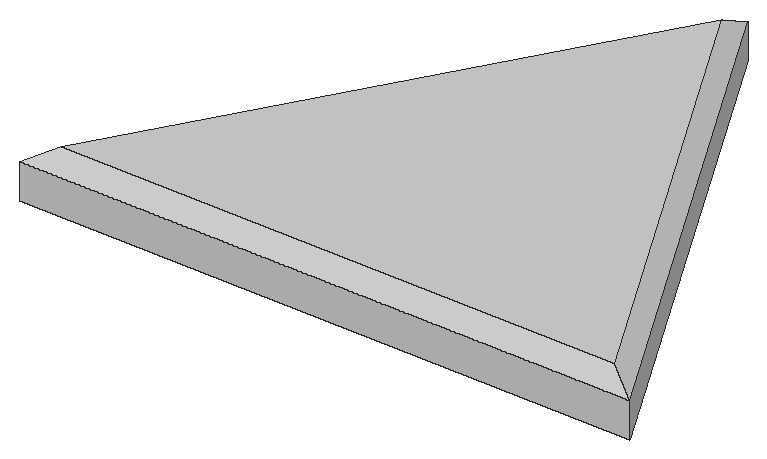
Revit family "LARGE (12) EQUILATERAL TRIANGLE", category Specialty Equipment, Revit 2023
Family settings
  Round Connector Dimension = Use Diameter
  Part Type = Normal
  OmniClass Number = 23.35.00.00
  OmniClass Title = Covering, Cladding, and Finishes
  Work Plane-Based = Yes
  Enable Cutting in Views = Yes
  Always vertical = No
  Cut with Voids When Loaded = No
  Maintain Annotation Orientation = No
  Shared = No
  Room Calculation Point = No
Parameters (values of type "1-3/8 inch thick Primed White")
  URL = "https://www.acousticalsurfaces.com/envirocoustic-wood-wool/shapes/"
  Type Comments = "Acoustic Panels"
  Thickness = 0' - 1 3/8"
  Recycled Content Percentage = "0%"
  Model = "Envirocoustic Wood Wool"
  Material = "Envirocoustic Wood Wool"
  Manufacturer = "Acoustical Surfaces, Inc."
  Fire Rating = "ASTM E84 - Class A"
  Finish = Paint - Acoustical-Surfaces - Primed White
  Description = "Acoustic Panels"
  Default Elevation = 0' - 0"
  Assembly Code = "C30"
  Acoustics - NRC = "Sound absorption varies from NRC 0.45 to 0.95 based on installation method used when tested per ASTM C423."
Types (9): name | Thickness | Finish
  1-3/8 inch thick Primed White | 0' - 1 3/8" | Paint - Acoustical-Surfaces - Primed White
  1-3/8 inch thick Primed Clear | 0' - 1 3/8" | Paint - Acoustical-Surfaces - Primed Clear
  1-3/8 inch thick Custom Painted | 0' - 1 3/8" | Paint - Acoustical-Surfaces - Custom Painted
  2 inch thick Primed White | 0' - 2" | Paint - Acoustical-Surfaces - Primed White
  2 inch thick Primed Clear | 0' - 2" | Paint - Acoustical-Surfaces - Primed Clear
  2 inch thick Custom Painted | 0' - 2" | Paint - Acoustical-Surfaces - Custom Painted
  1 inch thick Primed White | 0' - 1" | Paint - Acoustical-Surfaces - Primed White
  1 inch thick Primed Clear | 0' - 1" | Paint - Acoustical-Surfaces - Primed Clear
  1 inch thick Custom Painted | 0' - 1" | Paint - Acoustical-Surfaces - Custom Painted
Reference planes (in)
  plane 1 "Center (Front/Back)": y = 0
  plane 2: z = 0
  plane 3 "Center (Left/Right)": x = 0
  plane 4: z = 1.375
  plane 5: z = -1
Forms (in)
  Extrusion 1, solid, material "Paint - Acoustical-Surfaces - Primed White" <- "Finish"
    sketch origin (2.75421, -1.46603, 0) x (-1, 0, 0) y (0, -1, 0)
      loop
        line (8.75421, -1.46603) -> (-3.24579, -1.46603) -> (2.75421, -11.85834) -> (8.75421, -1.46603)
    from 0 to 1
  Sweep 2, void
    path in 3D
      loop
        line (0, 10.3923, 1) -> (-6, 0, 1) -> (6, 0, 1) -> (0, 10.3923, 1)
    profile "Triangle : Family2" origin (3, 5.19615, 1) x (-0.866025, -0.5, 0) y (0, 0, 1)
      loop
        line (0, 0) -> (0, -0.315) -> (0.315, 0) -> (0, 0)
Cuts and joins
  Sweep 2 cuts Extrusion 1
Lines and regions (in)
  sketch lines
    curve 1: line (6, 0, 1) -> (0, 10.3923, 1)
    curve 2: line (0, 10.3923, 1) -> (-6, 0, 1)
    curve 3: line (-6, 0, 1) -> (6, 0, 1)
Dimensions and locks (in)
  "Thickness": plane 4 to level
  level to plane 5 = 0' - 1"
  aligned and locked: level to plane 2
Automatic sketch dimensions
  plane 1 "Center (Front/Back)" to Extrusion 1 sketch curve = 0' - 0"
  Extrusion 1 sketch curve to plane 3 "Center (Left/Right)" = 0' - 0"
  Extrusion 1 sketch curve to plane 3 "Center (Left/Right)" = 0' - 6"
  plane 3 "Center (Left/Right)" to Extrusion 1 sketch curve = 0' - 6"
  plane 1 "Center (Front/Back)" to Extrusion 1 sketch curve = 0' - 10.3923"
